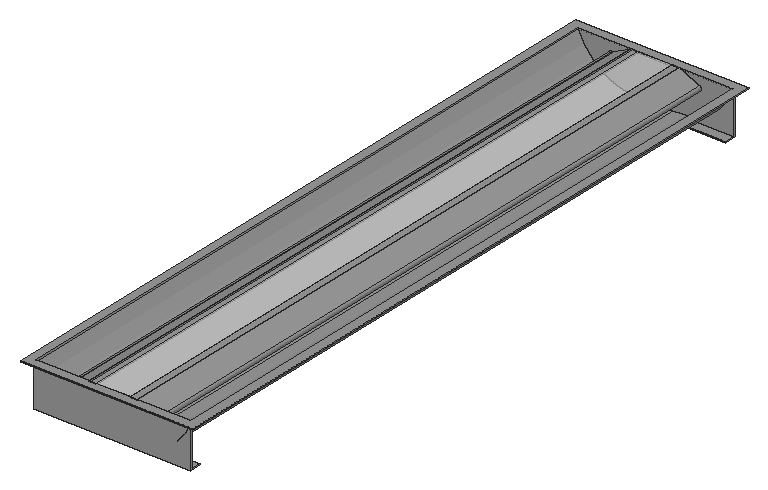
Revit family "44286", category Lighting Fixtures, host Face, Revit 2018
Family settings
  Host = Face
  Round Connector Dimension = Use Diameter
  Part Type = Normal
  OmniClass Number = 23.80.70.11.17
  OmniClass Title = Specialized Lighting by Location or Use
  Cut with Voids When Loaded = No
  Light Source = Yes
  Shared = No
  Room Calculation Point = No
Parameters (values of type "0044286 RUBICO LED 1200 HE 4K EM3")
  Width = 1196.0 mm
  Weight = 4.6 kg
  Wattage Comments = ""
  Wattage = 23.6608 W
  built-in parameter 1150110 = 1 (stored number, unit not read)
  Voltage Comments = "UNI ( Universal Voltage; 230-240 Volt )"  # constant formula
  Voltage = 230 V  # constant formula
  URL = "0"
  built-in parameter 1114217 = 1 (stored number, unit not read)
  Tilt Angle = -90.00°
  built-in parameter 1150109 = 1 (stored number, unit not read)
  built-in parameter 1150134 = (empty or 0)
  built-in parameter 1150113 = 1 (stored number, unit not read)
  Reflector Material = Steel_Sylvania_Rubico LED_White_RAL 9016
  Product Page URL = "http://www.sylvania-lighting.com/product/en-int/products/0044336"
  Product Family = "RUBICO LED - DALI DIMMABLE & EMERGENCY 3 HOUR"  # constant formula
  Photometry Comments = ""
  Photometric Web File = "0044286.ies"
  Life = "50 000h"  # constant formula
  Length = 296.0 mm
  LOR = "1"
  Keynote = "n/a"
  IP Rating = "IP20"  # constant formula
  IK Rating = "IK07"  # constant formula
  Housing Material = Steel_Sylvania_Rubico LED_White_RAL 9016
  Height = 75.0 mm
  Glow Wire Test = 850 °C  # constant formula
  Glare Control = "19>"  # constant formula
  Energy Class = "A++, A+, A"  # constant formula
  Emit from Rectangle Width = Cutout Length - 4.0 mm  # 266.0 mm
  Emit from Rectangle Length = Cutout Width - 4.0 mm  # 1166.0 mm
  Emit Shape Visible in Rendering = no
  Electrical Protection = "CLASS1"  # constant formula
  Drive Current = "700mA"  # constant formula
  Diffuser Width = Length - 236.0 mm  # 60.0 mm
  Diffuser 2 Material = Polycarbonate_Sylvania_Rubico LED_Clear
  Diffuser 1 Material = Steel_Sylvania_Rubico LED_White_RAL 9016
  Cutout Width = Width - 26.0 mm  # 1170.0 mm
  Cutout Length = Length - 26.0 mm  # 270.0 mm
  built-in parameter 1114216 [instance] = 1 (stored number, unit not read)
  Model = "RUBICO LED 1200x300 HE 4K EM3"
  Manufacturer = ""
  built-in parameter 1150105 = 152.44 (stored number, unit not read)
  Lumens = 1915.58 lm
  built-in parameter 1150115 = 1 (stored number, unit not read)
  built-in parameter 1150137 = (empty or 0)
  built-in parameter 1150139 = (empty or 0)
  built-in parameter 1150112 = 1 (stored number, unit not read)
  built-in parameter 1150114 = 1 (stored number, unit not read)
  Lamp = "n/a"
  built-in parameter 1150132 = 2
  built-in parameter 1150102 = (empty or 0)
  built-in parameter 1150107 = (empty or 0)
  built-in parameter 1150138 = (empty or 0)
  built-in parameter 1150106 = 1.5244 (stored number, unit not read)
  built-in parameter 1150104 = 7.5214 (stored number, unit not read)
  Dimming Lamp Color Temperature Shift = <None>
  Description = "Direct and Indirect light distribution. 31W - 46W LED recessed luminaire. Rubico LED Gen 2 is perfect for Office circulation areas, Corridors . Available with Micro Prismatic Optic (MPO) with satin side diffuser. Available in recessed (600x600 and 1200x300) . Rubico LED Gen 2 delivers high output up to 3,656lm (luminaire lumen output on 4,000K version). Rana LED delivers high efficiency up to 84lm/W (total system efficiency). Available in warm white (3,000K) and neutral white (4,000K). Energy efficient electronic gear including DALI and 3 hour emergency versions as standard. Long lifetime: 50,000 hours life at 70% of the original output L70. Less maintenance is required due to the long lifetime of 50,000hrs. Energy Class: A++, A+, A. LED technology provides an energy efficient solution with reduced maintenance costs. Comes complete with safety cable. Complete with protective film and quick connector for easy installation"  # constant formula
  Default Elevation = 0.0 mm
  Color Filter = 16777215
  Catalog Number = "0044336 RUBICO 300*1200 DALI E3 LED 4000 G2"
  built-in parameter 1140040 [instance] = 1
  CRI(Ra) = ">80"  # constant formula
  Body Material = Steel_Sylvania_Rubico LED_White_RAL 9016
  built-in parameter 1114218 = 1 (stored number, unit not read)
  built-in parameter 1150133 = 10 (stored number, unit not read)
  Assembly Code = "D5020200"
  Apparent Load Comments = ""
  Apparent Load = 30 VA
  Ambient temperature for maximum luminous flux (°C) = "25"  # constant formula
  Accessory Material = Steel_Sylvania_Rubico LED_White_RAL 9016
Reference planes
  plane 1 "Center (Front/Back)": y = 0
  plane 2: z = -5
  plane 3 "Center (Left/Right)": x = -27.322
  plane 4 "Housing Left": x = -162.322
  plane 5 "Housing Right": x = 107.678
  plane 6 "Housing Front": y = 585
  plane 7 "Housing Back": y = -585
  plane 8 "Fixture Right": x = 120.678
  plane 9 "Fixture Left": x = -175.322
  plane 10 "Fixture Front": y = 598
  plane 11 "Fixture Back": y = -598
  plane 12 "Fixture Top": z = -73
  plane 13 "Fixture Bottom": z = 0
  plane 14 "Profile Front": y = 583
  plane 15 "Profile Back": y = -583
  plane 16 "Profile Left": x = -160.322
  plane 17 "Profile Right": x = 105.678
  plane 18 "Diffuser Bottom": z = 0
  plane 19 "Diffuser Top": z = -2
  plane 20 "Accessory Left": x = -67.322
  plane 21 "Accessory Right": x = 12.678
  plane 22 "Diffuser Left": x = -57.322
  plane 23 "Diffuser Right": x = 2.678
  plane 24: z = -75
Forms (mm)
  Extrusion 1, void
    sketch origin (0, 0, 59) x (-1, 0, 0) y (0, -1, 0)
      loop
        line (-107.678, -585) -> (162.322, -585) -> (162.322, 585) -> (-107.678, 585) -> (-107.678, -585)
    from -132 to -61
  Extrusion 2, solid, material "Steel_Sylvania_Rubico LED_White_RAL 9016" <- "Housing Material", detail levels fine
    sketch origin (0, 0, 59) x (-1, 0, 0) y (0, -1, 0)
      loop
        line (175.322, -598) -> (175.322, 598) -> (-120.678, 598) -> (-120.678, -598) -> (175.322, -598)
      loop
        line (162.322, -585) -> (162.322, 585) -> (-107.678, 585) -> (-107.678, -585) -> (162.322, -585)
    from -61 to -59
  Extrusion 3, solid, material "Steel_Sylvania_Rubico LED_White_RAL 9016" <- "Housing Material", detail levels fine
    sketch origin (0, 0, 0) x (1, 0, 0) y (0, 0, 1)
      loop
        line (-57.322, -73) -> (2.678, -73)
        arc (2.678, -73) -> (66.054, -53.584) -> (107.678, -2) r 113.141
        line (107.678, -2) -> (107.678, 0) -> (105.678, 0) -> (105.678, -2)
        arc (105.678, -2) -> (64.666, -52.156) -> (2.678, -71) r 111.377
        line (2.678, -71) -> (-57.322, -71)
        arc (-57.322, -71) -> (-119.31, -52.156) -> (-160.322, -2) r 111.377
        line (-160.322, -2) -> (-160.322, 0) -> (-162.322, 0) -> (-162.322, -2)
        arc (-162.322, -2) -> (-120.698, -53.584) -> (-57.322, -73) r 113.141
    from -583 to 583
  Extrusion 4, solid, material "Steel_Sylvania_Rubico LED_White_RAL 9016" <- "Housing Material", detail levels fine
    sketch origin (0, 0, 0) x (1, 0, 0) y (0, 0, 1)
      loop
        line (107.678, 0) -> (-162.322, 0) -> (-162.322, -73) -> (107.678, -73) -> (107.678, 0)
    from 583 to 585
  Extrusion 5, solid, material "Steel_Sylvania_Rubico LED_White_RAL 9016" <- "Housing Material", detail levels fine
    sketch origin (0, 0, 0) x (1, 0, 0) y (0, 0, 1)
      loop
        line (-162.322, 0) -> (-162.322, -73) -> (107.678, -73) -> (107.678, 0) -> (-162.322, 0)
    from -585 to -583
  Extrusion 6, solid, material "Steel_Sylvania_Rubico LED_White_RAL 9016" <- "Diffuser 1 Material", detail levels fine
    sketch origin (0, 0, 0) x (1, 0, 0) y (0, 0, 1)
      loop
        line (12.678, 0) -> (12.678, -2) -> (14.734, -2) -> (47.833, -17.434)
        arc (47.833, -17.434) -> (49.284, -21.421) -> (45.297, -22.872) r 3
        line (45.297, -22.872) -> (44.452, -24.684)
        arc (44.452, -24.684) -> (51.096, -22.266) -> (48.678, -15.621) r 5
        line (48.678, -15.621) -> (15.178, 0) -> (12.678, 0)
      loop
        line (-67.322, 0) -> (-69.822, 0) -> (-103.322, -15.621)
        arc (-103.322, -15.621) -> (-105.741, -22.266) -> (-99.096, -24.684) r 5
        line (-99.096, -24.684) -> (-99.941, -22.872)
        arc (-99.941, -22.872) -> (-103.928, -21.421) -> (-102.477, -17.434) r 3
        line (-102.477, -17.434) -> (-69.379, -2) -> (-67.322, -2) -> (-67.322, 0)
    from -583 to 583
  Extrusion 7, solid, material "Steel_Sylvania_Rubico LED_White_RAL 9016" <- "Accessory Material", detail levels fine
    sketch origin (0, 0, 59) x (-1, 0, 0) y (0, -1, 0)
      loop
        line (57.322, -583) -> (67.322, -583) -> (67.322, 583) -> (57.322, 583) -> (57.322, -583)
      loop
        line (-2.678, -583) -> (-2.678, 583) -> (-12.678, 583) -> (-12.678, -583) -> (-2.678, -583)
    from -61 to -59
  Extrusion 8, solid, material "Polycarbonate_Sylvania_Rubico LED_Clear" <- "Diffuser 2 Material", detail levels fine
    sketch origin (0, 0, 59) x (-1, 0, 0) y (0, -1, 0)
      loop
        line (-2.678, -583) -> (57.322, -583) -> (57.322, 583) -> (-2.678, 583) -> (-2.678, -583)
    from -61 to -59
  Extrusion 9, solid, material "Steel_Sylvania_Rubico LED_White_RAL 9016" <- "Housing Material", detail levels coarse+medium
    sketch origin (0, 0, 59) x (-1, 0, 0) y (0, -1, 0)
      loop
        line (-120.678, -598) -> (175.322, -598) -> (175.322, 598) -> (-120.678, 598) -> (-120.678, -598)
    from -61 to -59
  Extrusion 10, solid, material "Steel_Sylvania_Rubico LED_White_RAL 9016" <- "Housing Material", detail levels coarse+medium
    sketch origin (0, 0, 0) x (1, 0, 0) y (0, 0, 1)
      loop
        line (-162.322, 0) -> (-162.322, -75) -> (107.678, -75) -> (107.678, 0) -> (-162.322, 0)
    from -585 to 585
  Extrusion 11, void
    sketch origin (0, 0, 59) x (-1, 0, 0) y (0, -1, 0)
      loop
        line (175.322, -598) -> (175.322, 598) -> (-120.678, 598) -> (-120.678, -598) -> (175.322, -598)
    from -61 to -59
  Extrusion 12, solid, material "Steel_Sylvania_Rubico LED_White_RAL 9016" <- "Housing Material", detail levels fine
    sketch origin (0, 0, 59) x (-1, 0, 0) y (0, -1, 0)
      loop
        line (162.322, -585) -> (162.322, -565) -> (-107.678, -565) -> (-107.678, -585) -> (162.322, -585)
      loop
        line (162.322, 585) -> (-107.678, 585) -> (-107.678, 565) -> (162.322, 565) -> (162.322, 585)
    from -134 to -132
Cuts and joins
  joined: Extrusion 2, Extrusion 3, Extrusion 4, Extrusion 5, Extrusion 12
  joined: Extrusion 9, Extrusion 10
Dimensions and locks
  equal spacing: plane 6 "Housing Front", plane 1 "Center (Front/Back)", plane 7 "Housing Back"
  equal spacing: plane 4 "Housing Left", plane 3 "Center (Left/Right)", plane 5 "Housing Right"
  "Cutout Length": plane 4 "Housing Left" to plane 5 "Housing Right"
  equal spacing: plane 9 "Fixture Left", plane 3 "Center (Left/Right)", plane 8 "Fixture Right"
  "Length": plane 9 "Fixture Left" to plane 8 "Fixture Right"
  equal spacing: plane 11 "Fixture Back", plane 1 "Center (Front/Back)", plane 10 "Fixture Front"
  "Width": plane 10 "Fixture Front" to plane 11 "Fixture Back"
  locked: plane 15 "Profile Back" to plane 7 "Housing Back" at 2
  locked: plane 14 "Profile Front" to plane 6 "Housing Front" at 2
  locked: plane 17 "Profile Right" to plane 5 "Housing Right" at 2
  locked: plane 4 "Housing Left" to plane 16 "Profile Left" at 2
  "Cutout Width": plane 6 "Housing Front" to plane 7 "Housing Back"
  equal spacing: plane 22 "Diffuser Left", plane 3 "Center (Left/Right)", plane 23 "Diffuser Right"
  "Diffuser Width": plane 22 "Diffuser Left" to plane 23 "Diffuser Right"
  plane 18 "Diffuser Bottom" to plane 19 "Diffuser Top" to plane 2 = 2.0 mm locked, 3.0 mm locked
  locked: Extrusion 6 sketch curve to Extrusion 6 sketch curve at 2  (x2)
  Extrusion 6 sketch curve to Extrusion 6 sketch curve to plane 20 "Accessory Left" = 33.5 mm locked, 2.5 mm locked
  Extrusion 6 sketch curve to Extrusion 6 sketch curve to plane 21 "Accessory Right" = 33.5 mm locked, 2.5 mm locked
  locked: plane 23 "Diffuser Right" to plane 21 "Accessory Right" at 10
  locked: plane 20 "Accessory Left" to plane 22 "Diffuser Left" at 10
  "Height": plane 18 "Diffuser Bottom" to plane 24
  locked: plane 6 "Housing Front" to Extrusion 12 sketch curve at 20
  locked: Extrusion 12 sketch curve to plane 7 "Housing Back" at 20
  locked: plane 12 "Fixture Top" to plane 24 at 2
  locked: Extrusion 3 sketch curve to plane 24 at 73  (x4)
  aligned and locked: host face to level
  aligned and locked: plane 6 "Housing Front" to Extrusion 1 sketch curve
  aligned and locked: plane 5 "Housing Right" to Extrusion 1 sketch curve
  aligned and locked: Extrusion 1 sketch curve to plane 7 "Housing Back"
  aligned and locked: Extrusion 1 sketch curve to plane 4 "Housing Left"
  aligned and locked: Extrusion 1 to plane 12 "Fixture Top"
  aligned and locked: Extrusion 2 sketch curve to plane 10 "Fixture Front"
  aligned and locked: plane 9 "Fixture Left" to Extrusion 2 sketch curve
  aligned and locked: Extrusion 2 sketch curve to plane 11 "Fixture Back"
  aligned and locked: Extrusion 2 sketch curve to plane 8 "Fixture Right"
  aligned and locked: plane 13 "Fixture Bottom" to Extrusion 2
  aligned and locked: plane 13 "Fixture Bottom" to Extrusion 4 sketch curve
  aligned and locked: Extrusion 4 to plane 7 "Housing Back"
  aligned and locked: Extrusion 4 to plane 15 "Profile Back"
  aligned and locked: Extrusion 5 sketch curve to plane 13 "Fixture Bottom"
  aligned and locked: plane 6 "Housing Front" to Extrusion 5
  aligned and locked: plane 14 "Profile Front" to Extrusion 5
  aligned and locked: Extrusion 7 sketch curve to plane 14 "Profile Front"
  aligned and locked: plane 22 "Diffuser Left" to Extrusion 7 sketch curve
  aligned and locked: Extrusion 6 to Extrusion 7 sketch curve
  aligned and locked: plane 14 "Profile Front" to Extrusion 7 sketch curve
  aligned and locked: Extrusion 7 sketch curve to plane 23 "Diffuser Right"
  aligned and locked: Extrusion 7 sketch curve to Extrusion 6  (x2)
  aligned and locked: plane 19 "Diffuser Top" to Extrusion 7
  aligned and locked: Extrusion 7 to plane 18 "Diffuser Bottom"
  aligned and locked: Extrusion 7 to Extrusion 8 sketch curve  (x2)
  aligned and locked: Extrusion 8 sketch curve to Extrusion 7  (x2)
  aligned and locked: plane 19 "Diffuser Top" to Extrusion 8
  aligned and locked: Extrusion 8 to plane 18 "Diffuser Bottom"
  aligned and locked: plane 13 "Fixture Bottom" to Extrusion 9
  aligned and locked: plane 3 "Center (Left/Right)" to imposter light
  aligned and locked: plane 1 "Center (Front/Back)" to imposter light
  aligned and locked: plane 13 "Fixture Bottom" to imposter light
  aligned and locked: Extrusion 10 sketch curve to imposter light
  aligned and locked: Extrusion 10 to plane 7 "Housing Back"
  aligned and locked: plane 6 "Housing Front" to Extrusion 10
  aligned and locked: Extrusion 11 sketch curve to plane 8 "Fixture Right"
  aligned and locked: plane 9 "Fixture Left" to Extrusion 11 sketch curve
  aligned and locked: Extrusion 11 sketch curve to plane 10 "Fixture Front"
  aligned and locked: Extrusion 11 sketch curve to plane 11 "Fixture Back"
  aligned and locked: level to Extrusion 11
  aligned and locked: level to plane 13 "Fixture Bottom"
  aligned and locked: Extrusion 7 sketch curve to plane 20 "Accessory Left"
  aligned and locked: Extrusion 6 sketch curve to plane 21 "Accessory Right"
  aligned and locked: Extrusion 6 sketch curve to plane 20 "Accessory Left"
  aligned and locked: plane 23 "Diffuser Right" to Extrusion 3 sketch curve
  aligned and locked: plane 22 "Diffuser Left" to Extrusion 3 sketch curve
  aligned and locked: Extrusion 3 sketch curve to plane 12 "Fixture Top"
  aligned and locked: Extrusion 10 sketch curve to plane 5 "Housing Right"
  aligned and locked: Extrusion 10 sketch curve to plane 4 "Housing Left"
  aligned and locked: Extrusion 4 sketch curve to plane 4 "Housing Left"
  aligned and locked: Extrusion 4 sketch curve to plane 5 "Housing Right"
  aligned and locked: Extrusion 2 sketch curve to Extrusion 10  (x3)
  aligned and locked: Extrusion 2 sketch curve to Extrusion 4
  aligned and locked: Extrusion 3 sketch curve to plane 17 "Profile Right"
  aligned and locked: Extrusion 3 sketch curve to plane 5 "Housing Right"
  aligned and locked: host face to Extrusion 3 sketch curve
  aligned and locked: Extrusion 3 sketch curve to plane 4 "Housing Left"
  aligned and locked: Extrusion 3 sketch curve to plane 16 "Profile Left"
  aligned and locked: Extrusion 2 to Extrusion 3 sketch curve
  aligned and locked: Extrusion 5 sketch curve to plane 4 "Housing Left"
  aligned and locked: Extrusion 5 sketch curve to plane 5 "Housing Right"
  aligned and locked: plane 19 "Diffuser Top" to cut or joined group of Extrusion 2, Extrusion 3, Extrusion 4, Extrusion 5, Extrusion 12
  aligned and locked: plane 19 "Diffuser Top" to Extrusion 9
  aligned and locked: plane 19 "Diffuser Top" to Extrusion 11
  aligned and locked: Extrusion 1 to plane 19 "Diffuser Top"
  aligned and locked: Extrusion 12 sketch curve to plane 6 "Housing Front"
  aligned and locked: Extrusion 12 to plane 24
  aligned and locked: plane 12 "Fixture Top" to Extrusion 12
  aligned and locked: plane 4 "Housing Left" to Extrusion 12 sketch curve  (x2)
  aligned and locked: Extrusion 12 sketch curve to plane 5 "Housing Right"
  aligned and locked: Extrusion 5 sketch curve to plane 12 "Fixture Top"
  aligned and locked: Extrusion 4 sketch curve to plane 12 "Fixture Top"
  aligned and locked: Extrusion 12 sketch curve to plane 7 "Housing Back"
  aligned and locked: plane 5 "Housing Right" to Extrusion 12 sketch curve
  aligned and locked: Extrusion 10 sketch curve to plane 24
  aligned and locked: plane 16 "Profile Left" to Extrusion 3 sketch curve
  aligned and locked: plane 4 "Housing Left" to Extrusion 3 sketch curve
  aligned and locked: plane 5 "Housing Right" to Extrusion 3 sketch curve
  aligned and locked: plane 17 "Profile Right" to Extrusion 3 sketch curve
  aligned and locked: plane 14 "Profile Front" to cut or joined group of Extrusion 2, Extrusion 3, Extrusion 4, Extrusion 5, Extrusion 12
  aligned and locked: plane 15 "Profile Back" to Extrusion 3
  aligned and locked: Extrusion 3 to Extrusion 4
  aligned and locked: plane 15 "Profile Back" to Extrusion 6
  aligned and locked: Extrusion 6 to plane 14 "Profile Front"
  aligned and locked: Extrusion 3 to plane 14 "Profile Front"
Automatic sketch dimensions
  host sketch curve to host sketch curve = 1874.119 mm
  host sketch curve to host sketch curve = 1731.672 mm
  Extrusion 9 sketch curve to plane 8 "Fixture Right" = 0.0 mm
  Extrusion 9 sketch curve to plane 9 "Fixture Left" = 0.0 mm
  Extrusion 9 sketch curve to plane 10 "Fixture Front" = 0.0 mm
  plane 11 "Fixture Back" to Extrusion 9 sketch curve = 0.0 mm
  Extrusion 6 sketch curve to Extrusion 6 sketch curve = 0.0 mm  (x5)
  Extrusion 6 sketch curve to level = 0.0 mm  (x2)
  Extrusion 6 sketch curve to plane 19 "Diffuser Top" = 0.0 mm  (x2)
  Extrusion 6 sketch curve to Extrusion 6 sketch curve = 0.443 mm  (x2)
  Extrusion 6 sketch curve to Extrusion 6 sketch curve = 4.226 mm  (x2)
  Extrusion 6 sketch curve to plane 2 = 12.434 mm  (x2)
  Extrusion 6 sketch curve to Extrusion 6 sketch curve = 1.268 mm  (x2)
  Extrusion 3 sketch curve to plane 22 "Diffuser Left" = 0.0 mm
  plane 23 "Diffuser Right" to Extrusion 3 sketch curve = 0.0 mm
  Extrusion 3 sketch curve to Extrusion 3 sketch curve = 2.0 mm
  Extrusion 6 sketch curve to plane 20 "Accessory Left" = 32.619 mm
  Extrusion 6 sketch curve to Extrusion 6 sketch curve = 0.845 mm
  Extrusion 6 sketch curve to Extrusion 6 sketch curve = 7.25 mm
  Extrusion 6 sketch curve to plane 2 = 19.684 mm
Connectors
  electrical at (-27.322, 0, -73), driven by "Voltage", driven by "Apparent Load"
    settings: index 1, voltage 230 V, apparent load 0 VA, apparent load phase1 30 VA, apparent load phase2 0 VA, apparent load phase3 0 VA, power factor 1, load classification "Lighting", number of poles 1, system type 31, power factor state 1, is connector primary yes, connector utility no, sub classification motor no, connector description ""
